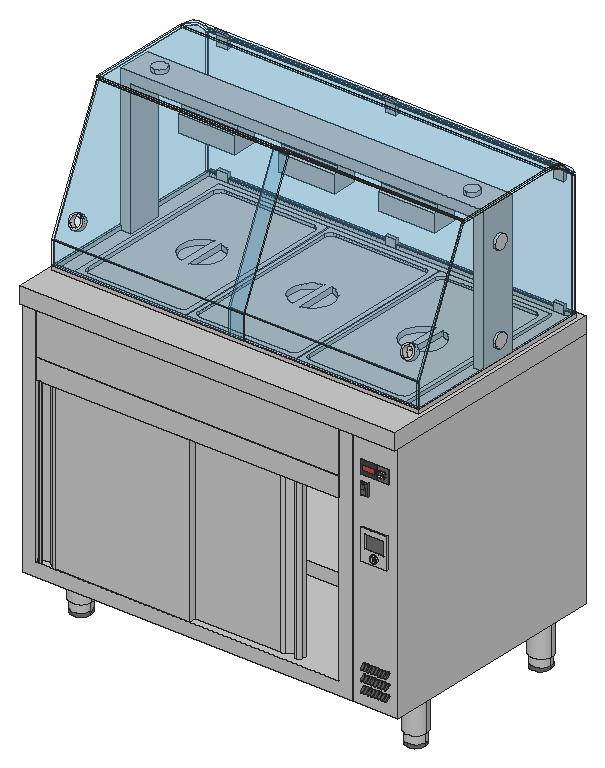
Revit family "QF_INOMAK_MIV711_250606104236", category Specialty Equipment, Revit 2021
Family settings
  Round Connector Dimension = Use Diameter
  Part Type = Normal
  OmniClass Number = 23.40.40.14
  OmniClass Title = Food Service Equipment
  Work Plane-Based = No
  Always vertical = Yes
  Cut with Voids When Loaded = No
  Shared = No
  Room Calculation Point = No
Parameters (values of type "MIV711")
  Weight [instance] = 90.0018 kg
  Waste Water Discharge Temperature [instance] = 0 °C
  Waste Remarks [instance] = ""
  Warranty Start Date [instance] = ""
  Warranty Duration [instance] = ""
  Volts [instance] = 400 V
  Volt Free Conn [instance] = no
  URL Recommended Spares List [instance] = ""
  URL Manufacturer [instance] = ""
  URL Cutsheet [instance] = ""
  URL Critical Spares List [instance] = ""
  URL = "www.inomak.com"
  Technical Documentation [instance] = ""
  Tag Number [instance] = ""
  Status [instance] = ""
  Start Up Current [instance] = 0 A
  Specification by User [instance] = ""
  Specification by Manufacturer [instance] = ""
  Sound Level [instance] = ""
  Show Logo [instance] = yes
  Show Clearances [instance] = yes
  Service Life Duration [instance] = ""
  Serial Number [instance] = ""
  Seismic Rating [instance] = ""
  SMACNA No [instance] = ""
  Revision Code [instance] = ""
  Revision [instance] = ""
  Production Year [instance] = ""
  Potential Equalisation [instance] = no
  Point Load [instance] = 0
  Plumbing Remarks [instance] = ""
  Plumbing Connection Type [instance] = ""
  Phase [instance] = 3
  Other Equipment Approvals [instance] = ""
  Operational Current [instance] = 0 A
  Odor Trap Included [instance] = no
  Number of Poles [instance] = 3
  No Load Power Draw [instance] = no
  National Water Regulation Certification [instance] = no
  NAFEM Spec ID Number [instance] = ""
  Model Warning [instance] = ""
  Model = "MIV711"
  Min Ckt Ampacity [instance] = 0 A
  Max Overcurrent Protection [instance] = 25 A
  Masterspec [instance] = ""
  Manufacturer = "INOMAK"
  Main switch integrated [instance] = no
  Length Actual [instance] = 1102.106 mm
  Item Number [instance] = ""
  Installed By [instance] = ""
  Installation Date [instance] = ""
  Indirect Waste Size [instance] = 25.4 mm
  Indirect Waste Remarks [instance] = ""
  Indirect Waste Flow [instance] = 0.0 L/s
  Indirect Waste Connection Type [instance] = ""
  Indirect Waste Connection Height [instance] = 0 mm
  Identify Quantity as Lot [instance] = no
  ID [instance] = ""
  Hygiene Approval [instance] = ""
  Height Actual [instance] = 1312.926 mm
  HP power [instance] = ""
  Furnished By [instance] = ""
  Foodservice Equipment Identifier [instance] = no
  FL Amps [instance] = 18.5 A
  Electrical Remarks [instance] = ""
  Electric power [instance] = 4230 W
  Electric Connection Type [instance] = ""
  Elec Conn RI Height [instance] = 0 mm
  Elec Conn Connection Height [instance] = 0 mm
  ETL Approved [instance] = no
  Direct Waste Water Discharge Temperature [instance] = -273.15 °C
  Direct Waste Size [instance] = 25.4 mm
  Direct Waste RI Height [instance] = 0 mm
  Direct Waste Flow [instance] = 0.0 L/s
  Direct Waste Connection Height [instance] = 0 mm
  Description = "BAIN MARIE ON HEATED CUPBOARD WITH 2 GN PANS CAPACITY AND SHOWCASE"
  Depth Actual [instance] = 700.024 mm
  Default Elevation = 0 mm
  Cycle [instance] = 50 Hz
  Cost = 0
  Connection to energy optimisation system [instance] = yes
  Conn Plug [instance] = ""
  Conn Conduit [instance] = no
  Cold Water Temperature Recommended [instance] = 0 °C
  Cold Water Size [instance] = 12.7 mm
  Cold Water Remarks [instance] = ""
  Cold Water RI Height [instance] = 0 mm
  Cold Water Quality [instance] = ""
  Cold Water Minimum Pressure [instance] = 200000.0 Pa
  Cold Water Maximum Pressure [instance] = 600000.0 Pa
  Cold Water Flow [instance] = 0.0 L/s
  Cold Water Connection Type [instance] = ""
  Cold Water Connection Height [instance] = 0 mm
  Centralized building control system with digital interface [instance] = ""
  CSI MasterFormat [instance] = ""
  CE Approved [instance] = no
  Barcode [instance] = 0
  Author [instance] = ""
  Asset Identifier [instance] = ""
  Apparent Power [instance] = 4230 VA
  Accessory [instance] = no
Reference planes
  plane 1 "Center (Front/Back)": y = 0
  plane 2: z = 0
  plane 3 "Center (Left/Right)": x = 0
Forms (mm)
  Extrusion 1, solid, not visible
    sketch origin (110.005, -510.025, 146.007) x (1, 0, 0) y (0, 1, 0)
      loop
        line (-2, 2) -> (-2, -2) -> (2, -2) -> (2, 2) -> (-2, 2)
    from -2 to 2
  Extrusion 2, solid, not visible
    sketch origin (110.005, -510.025, 146.007) x (1, 0, 0) y (0, 1, 0)
      loop
        line (-2, 2) -> (-2, -2) -> (2, -2) -> (2, 2) -> (-2, 2)
    from -2 to 2
  Extrusion 3, solid, not visible
    sketch origin (1055.051, -635.031, 146.007) x (1, 0, 0) y (0, 1, 0)
      loop
        line (-2, 2) -> (-2, -2) -> (2, -2) -> (2, 2) -> (-2, 2)
    from -2 to 2
Dimensions and locks
  locked: nested 2 to Extrusion 1 at 2  (x2)
  locked: nested 3 to Extrusion 2 at 2  (x2)
  locked: nested 4 to Extrusion 3 at 2  (x2)
  aligned and locked: level to plane 2
Nested families
  nested 1: "QF_INOMAK_CUPBOARD_BAIN_MARIES_1105_2920" at (0, 0, 144), type "MIV711"
    with Weight 90.0018 kg, Warranty Start Date "", Warranty Duration "", URL Cutsheet "", Technical Documentation "", Tag Number "", Status "", Specification by User "", Specification by Manufacturer "", Sound Level "", Solid Fuel Type "", Show Logo yes, Show Clearances yes, Service Life Duration "", Serial Number "", Seismic Rating "", SMACNA No "", Revision Code "", Revision "", Production Year "", Point Load 0, Other Equipment Approvals "", NAFEM Spec ID Number "", Model Warning "", Masterspec "", Length Actual 1102.106 mm, Item Number "", Installed By "", Installation Date "", Identify Quantity as Lot yes, ID "", Hygiene Approval "", Height Actual 1312.926 mm, Furnished By "", Foodservice Equipment Identifier yes, ETL Approved yes, Depth Actual 700.024 mm, CSI MasterFormat "", CE Approved yes, Barcode "", Author "", Asset Identifier "", Accessory no
  nested 2: "CONN_POINT_COLDWATER_2D___Generic_Annotation" at (110.005, -510.025, 144.007), type "CONN_POINT_COLDWATER_2D___Generic_Annotation"
    with Onboard connection annotation symbol visibility yes
  nested 3: "CONN_POINT_DRAIN_2D___Generic_Annotation" at (110.005, -510.025, 144.007), type "CONN_POINT_DRAIN_2D___Generic_Annotation"
    with Onboard connection annotation symbol visibility yes
  nested 4: "CONN_POINT_ELE_2D___Generic_Annotation" at (1055.051, -635.031, 144.007), type "CONN_POINT_ELE_2D___Generic_Annotation"
    with Onboard connection annotation symbol visibility yes
  nested 5: "QF_INOMAK_HEAT_WORKTOPS_HTVF_1080_4995" at (11, 0, 900), type "HTVF-1080-630"
    with Weight 0.00 kg, Warranty Start Date "", Warranty Duration "", URL Cutsheet "", Technical Documentation "", Tag Number "", Status "", Specification by User "", Specification by Manufacturer "", Sound Level "", Solid Fuel Type "", Show Logo yes, Show Clearances yes, Service Life Duration "", Serial Number "", Seismic Rating "", SMACNA No "", Revision Code "", Revision "", Production Year "", Point Load 0, Other Equipment Approvals "", NAFEM Spec ID Number "", Model Warning "", Masterspec "", Length Actual 1077.976 mm, Item Number "", Installed By "", Installation Date "", Identify Quantity as Lot yes, ID "", Hygiene Approval "", Height Actual 439.928 mm, Furnished By "", Foodservice Equipment Identifier yes, ETL Approved yes, Depth Actual 628.904 mm, CSI MasterFormat "", CE Approved yes, Barcode "", Author "", Asset Identifier "", Accessory yes
  nested 6: "QF_INOMAK_LEGS_6160" at (0, 0, 0), type "LG-1105-700"
    with Weight 0.00 kg, Warranty Start Date "", Warranty Duration "", URL Cutsheet "", Technical Documentation "", Tag Number "", Status "", Specification by User "", Specification by Manufacturer "", Sound Level "", Solid Fuel Type "", Show Logo yes, Show Clearances yes, Service Life Duration "", Serial Number "", Seismic Rating "", SMACNA No "", Revision Code "", Revision "", Production Year "", Point Load 0, Other Equipment Approvals "", NAFEM Spec ID Number "", Model Warning "", Masterspec "", Length Actual 1102.868 mm, Item Number "", Installed By "", Installation Date "", Identify Quantity as Lot yes, ID "", Hygiene Approval "", Height Actual 144.018 mm, Furnished By "", Foodservice Equipment Identifier yes, ETL Approved yes, Depth Actual 700.024 mm, CSI MasterFormat "", CE Approved yes, Barcode "", Author "", Asset Identifier "", Accessory yes
Connectors
  piping at (110.005, -510.025, 144.007), diameter 12.7, driven by "Cold Water Size", driven by "Cold Water Flow"
    settings: on Extrusion 1, index 1, connector inside diameter 609.6 mm, connector length 0 mm, flow factor 0, pipe flow 0.0 L/s, pressure drop 0.0 Pa, fitting loss kfactor 0, connector angle 0.00°, fixture units 0, engagement length 0 mm, angle of deflection 0.00°, flow configuration 1, flow direction 1, fitting loss method 0, system type 20, joint type 0, gender type 0, connector reference index -1, connector utility 0, adjustable connector no, is connector primary yes, connector description "Cold Water connection for MIV711"
  piping at (110.005, -510.025, 144.007), diameter 25.4, driven by "Indirect Waste Size", driven by "Direct Waste Flow"
    settings: on Extrusion 2, index 2, connector inside diameter 609.6 mm, connector length 0 mm, flow factor 0, pipe flow 0.0 L/s, pressure drop 0.0 Pa, fitting loss kfactor 0, connector angle 0.00°, fixture units 0, engagement length 0 mm, angle of deflection 0.00°, flow configuration 1, flow direction 2, fitting loss method 0, system type 16, joint type 0, gender type 0, connector reference index -1, connector utility 0, adjustable connector no, is connector primary no, connector description "Waste connection for MIV711"
  electrical at (1055.051, -635.031, 144.007), driven by "Apparent Power", driven by "Number of Poles", driven by "Volts"
    settings: on Extrusion 3, index 3, voltage 400 V, apparent load 0 VA, apparent load phase1 4230 VA, apparent load phase2 0 VA, apparent load phase3 0 VA, power factor 1, load classification "Other", number of poles 3, system type 31, power factor state 1, is connector primary yes, connector utility no, sub classification motor no, connector description "Electrical connection for MIV711"
Definition of nested family "QF_INOMAK_CUPBOARD_BAIN_MARIES_1105_2920"
  Parameters (values of type "MFV711")
    Weight [instance] = 0.00 kg
    Warranty Start Date [instance] = ""
    Warranty Duration [instance] = ""
    URL Cutsheet [instance] = ""
    URL = "www.inomak.com"
    Technical Documentation [instance] = ""
    Tag Number [instance] = ""
    Status [instance] = ""
    Specification by User [instance] = ""
    Specification by Manufacturer [instance] = ""
    Sound Level [instance] = ""
    Solid Fuel Type [instance] = ""
    Show Logo [instance] = yes
    Show Clearances [instance] = yes
    Service Life Duration [instance] = ""
    Serial Number [instance] = ""
    Seismic Rating [instance] = ""
    SMACNA No [instance] = ""
    Revision Code [instance] = ""
    Revision [instance] = ""
    Production Year [instance] = ""
    Point Load [instance] = 0
    Other Equipment Approvals [instance] = ""
    NAFEM Spec ID Number [instance] = ""
    Model Warning [instance] = ""
    Model = "MFV711"
    Masterspec [instance] = ""
    Manufacturer = "INOMAK"
    Length Actual [instance] = 0 mm
    Item Number [instance] = ""
    Installed By [instance] = ""
    Installation Date [instance] = ""
    Identify Quantity as Lot [instance] = yes
    ID [instance] = ""
    Hygiene Approval [instance] = ""
    Height Actual [instance] = 0 mm
    Furnished By [instance] = ""
    Foodservice Equipment Identifier [instance] = yes
    ETL Approved [instance] = yes
    Description = "BAIN MARIE ON CUPBOARD WITH 2 GN PANS CAPACITY AND SHOWCASE"
    Depth Actual [instance] = 0 mm
    Default Elevation = 0 mm
    CSI MasterFormat [instance] = ""
    CE Approved [instance] = yes
    Barcode [instance] = ""
    Author [instance] = ""
    Asset Identifier [instance] = ""
    Assembly Code = "E1090320"
    Accessory [instance] = yes
  Types (10, lengths in mm): name | Model | Description
    MFV711 | "MFV711" | "BAIN MARIE ON CUPBOARD WITH 2 GN PANS CAPACITY AND SHOWCASE"
    MVV711 | "MVV711" | "BAIN MARIE ON CUPBOARD WITH 2 GN PANS CAPACITY AND SINGLE SNEEZE GUARD"
    MFSQ711 | "MFSQ711" | "BAIN MARIE ON CUPBOARD WITH 2 GN PANS CAPACITY AND SQUARE SHOWCASE"
    MHV711 | "MHV711" | "BAIN MARIE ON HEATED CUPBOARD WITH 2 GN PANS CAPACITY"
    MDV711 | "MDV711" | "BAIN MARIE ON CUPBOARD WITH 2 GN PANS CAPACITY"
    MRV711 | "MRV711" | "BAIN MARIE ON CUPBOARD WITH 2 GN PANS CAPACITY AND DOUBLE SNEEZE GUARD"
    MIV711 | "MIV711" | "BAIN MARIE ON HEATED CUPBOARD WITH 2 GN PANS CAPACITY AND SHOWCASE"
    MJV711 | "MJV711" | "BAIN MARIE ON HEATED CUPBOARD WITH 2 GN PANS CAPACITY AND SINGLE SNEEZE GUARD"
    MQV711 | "MQV711" | "BAIN MARIE ON HEATED CUPBOARD WITH 2 GN PANS CAPACITY AND DOUBLE SNEEZE GUARD"
    MISQ711 | "MISQ711" | "BAIN MARIE ON HEATED CUPBOARD WITH 2 GN PANS CAPACITY AND SQUARE SHOWCASE"
  Reference planes
    plane 1 "Back": y = 0
    plane 2: z = 0
    plane 3 "Left": x = 0
    plane 4 "Right": x = 1102
    plane 5 "Front": y = -700
    plane 6 "Top": z = 756
  Forms (mm)
    Extrusion 1, solid
      sketch origin (479.783, -707, -123.631) x (-1, 0, 0) y (0, 0, 1)
        loop
          arc (-522.253, 235.165) -> (-526.351, 236.263) -> (-527.449, 232.165) r 3
          line (-527.449, 232.165) -> (-518.449, 216.577)
          arc (-518.449, 216.577) -> (-514.351, 215.479) -> (-513.253, 219.577) r 3
          line (-513.253, 219.577) -> (-522.253, 235.165)
        loop
          arc (-532.253, 235.165) -> (-536.351, 236.263) -> (-537.449, 232.165) r 3
          line (-537.449, 232.165) -> (-528.449, 216.577)
          arc (-528.449, 216.577) -> (-524.351, 215.479) -> (-523.253, 219.577) r 3
          line (-523.253, 219.577) -> (-532.253, 235.165)
        loop
          arc (-542.253, 235.165) -> (-546.351, 236.263) -> (-547.449, 232.165) r 3
          line (-547.449, 232.165) -> (-538.449, 216.577)
          arc (-538.449, 216.577) -> (-534.351, 215.479) -> (-533.253, 219.577) r 3
          line (-533.253, 219.577) -> (-542.253, 235.165)
        loop
          arc (-552.253, 235.165) -> (-556.351, 236.263) -> (-557.449, 232.165) r 3
          line (-557.449, 232.165) -> (-548.449, 216.577)
          arc (-548.449, 216.577) -> (-544.351, 215.479) -> (-543.253, 219.577) r 3
          line (-543.253, 219.577) -> (-552.253, 235.165)
        loop
          arc (-562.253, 235.165) -> (-566.351, 236.263) -> (-567.449, 232.165) r 3
          line (-567.449, 232.165) -> (-558.449, 216.577)
          arc (-558.449, 216.577) -> (-554.351, 215.479) -> (-553.253, 219.577) r 3
          line (-553.253, 219.577) -> (-562.253, 235.165)
        loop
          arc (-572.253, 235.165) -> (-576.351, 236.263) -> (-577.449, 232.165) r 3
          line (-577.449, 232.165) -> (-568.449, 216.577)
          arc (-568.449, 216.577) -> (-564.351, 215.479) -> (-563.253, 219.577) r 3
          line (-563.253, 219.577) -> (-572.253, 235.165)
        loop
          arc (-582.253, 235.165) -> (-586.351, 236.263) -> (-587.449, 232.165) r 3
          line (-587.449, 232.165) -> (-578.449, 216.577)
          arc (-578.449, 216.577) -> (-574.351, 215.479) -> (-573.253, 219.577) r 3
          line (-573.253, 219.577) -> (-582.253, 235.165)
        loop
          arc (-592.253, 235.165) -> (-596.351, 236.263) -> (-597.449, 232.165) r 3
          line (-597.449, 232.165) -> (-588.449, 216.577)
          arc (-588.449, 216.577) -> (-584.351, 215.479) -> (-583.253, 219.577) r 3
          line (-583.253, 219.577) -> (-592.253, 235.165)
        loop
          arc (-522.253, 205.165) -> (-526.351, 206.263) -> (-527.449, 202.165) r 3
          line (-527.449, 202.165) -> (-518.449, 186.577)
          arc (-518.449, 186.577) -> (-514.351, 185.479) -> (-513.253, 189.577) r 3
          line (-513.253, 189.577) -> (-522.253, 205.165)
        loop
          arc (-532.253, 205.165) -> (-536.351, 206.263) -> (-537.449, 202.165) r 3
          line (-537.449, 202.165) -> (-528.449, 186.577)
          arc (-528.449, 186.577) -> (-524.351, 185.479) -> (-523.253, 189.577) r 3
          line (-523.253, 189.577) -> (-532.253, 205.165)
        loop
          arc (-542.253, 205.165) -> (-546.351, 206.263) -> (-547.449, 202.165) r 3
          line (-547.449, 202.165) -> (-538.449, 186.577)
          arc (-538.449, 186.577) -> (-534.351, 185.479) -> (-533.253, 189.577) r 3
          line (-533.253, 189.577) -> (-542.253, 205.165)
        loop
          arc (-552.253, 205.165) -> (-556.351, 206.263) -> (-557.449, 202.165) r 3
          line (-557.449, 202.165) -> (-548.449, 186.577)
          arc (-548.449, 186.577) -> (-544.351, 185.479) -> (-543.253, 189.577) r 3
          line (-543.253, 189.577) -> (-552.253, 205.165)
        loop
          arc (-562.253, 205.165) -> (-566.351, 206.263) -> (-567.449, 202.165) r 3
          line (-567.449, 202.165) -> (-558.449, 186.577)
          arc (-558.449, 186.577) -> (-554.351, 185.479) -> (-553.253, 189.577) r 3
          line (-553.253, 189.577) -> (-562.253, 205.165)
        loop
          arc (-572.253, 205.165) -> (-576.351, 206.263) -> (-577.449, 202.165) r 3
          line (-577.449, 202.165) -> (-568.449, 186.577)
          arc (-568.449, 186.577) -> (-564.351, 185.479) -> (-563.253, 189.577) r 3
          line (-563.253, 189.577) -> (-572.253, 205.165)
        loop
          arc (-582.253, 205.165) -> (-586.351, 206.263) -> (-587.449, 202.165) r 3
          line (-587.449, 202.165) -> (-578.449, 186.577)
          arc (-578.449, 186.577) -> (-574.351, 185.479) -> (-573.253, 189.577) r 3
          line (-573.253, 189.577) -> (-582.253, 205.165)
        loop
          arc (-592.253, 205.165) -> (-596.351, 206.263) -> (-597.449, 202.165) r 3
          line (-597.449, 202.165) -> (-588.449, 186.577)
          arc (-588.449, 186.577) -> (-584.351, 185.479) -> (-583.253, 189.577) r 3
          line (-583.253, 189.577) -> (-592.253, 205.165)
        loop
          arc (-522.253, 175.165) -> (-526.351, 176.263) -> (-527.449, 172.165) r 3
          line (-527.449, 172.165) -> (-518.449, 156.577)
          arc (-518.449, 156.577) -> (-514.351, 155.479) -> (-513.253, 159.577) r 3
          line (-513.253, 159.577) -> (-522.253, 175.165)
        loop
          arc (-532.253, 175.165) -> (-536.351, 176.263) -> (-537.449, 172.165) r 3
          line (-537.449, 172.165) -> (-528.449, 156.577)
          arc (-528.449, 156.577) -> (-524.351, 155.479) -> (-523.253, 159.577) r 3
          line (-523.253, 159.577) -> (-532.253, 175.165)
        loop
          arc (-542.253, 175.165) -> (-546.351, 176.263) -> (-547.449, 172.165) r 3
          line (-547.449, 172.165) -> (-538.449, 156.577)
          arc (-538.449, 156.577) -> (-534.351, 155.479) -> (-533.253, 159.577) r 3
          line (-533.253, 159.577) -> (-542.253, 175.165)
        loop
          arc (-552.253, 175.165) -> (-556.351, 176.263) -> (-557.449, 172.165) r 3
          line (-557.449, 172.165) -> (-548.449, 156.577)
          arc (-548.449, 156.577) -> (-544.351, 155.479) -> (-543.253, 159.577) r 3
          line (-543.253, 159.577) -> (-552.253, 175.165)
        loop
          arc (-562.253, 175.165) -> (-566.351, 176.263) -> (-567.449, 172.165) r 3
          line (-567.449, 172.165) -> (-558.449, 156.577)
          arc (-558.449, 156.577) -> (-554.351, 155.479) -> (-553.253, 159.577) r 3
          line (-553.253, 159.577) -> (-562.253, 175.165)
        loop
          arc (-572.253, 175.165) -> (-576.351, 176.263) -> (-577.449, 172.165) r 3
          line (-577.449, 172.165) -> (-568.449, 156.577)
          arc (-568.449, 156.577) -> (-564.351, 155.479) -> (-563.253, 159.577) r 3
          line (-563.253, 159.577) -> (-572.253, 175.165)
        loop
          arc (-582.253, 175.165) -> (-586.351, 176.263) -> (-587.449, 172.165) r 3
          line (-587.449, 172.165) -> (-578.449, 156.577)
          arc (-578.449, 156.577) -> (-574.351, 155.479) -> (-573.253, 159.577) r 3
          line (-573.253, 159.577) -> (-582.253, 175.165)
        loop
          arc (-592.253, 175.165) -> (-596.351, 176.263) -> (-597.449, 172.165) r 3
          line (-597.449, 172.165) -> (-588.449, 156.577)
          arc (-588.449, 156.577) -> (-584.351, 155.479) -> (-583.253, 159.577) r 3
          line (-583.253, 159.577) -> (-592.253, 175.165)
      from 16.5 to 18.5
    Extrusion 2, solid
      sketch origin (787.766, -692, 538.514) x (-1, 0, 0) y (0, 0, 1)
        loop
          line (-208.234, 108.408) -> (-253.234, 108.408) -> (-253.234, 68.408) -> (-208.234, 68.408) -> (-208.234, 108.408)
      from 0 to 2
    Extrusion 3, solid
      sketch origin (66, -693, 539.422) x (-1, 0, 0) y (0, 0, 1)
        loop
          line (-950, 15) -> (-930, 15) -> (-930, 50) -> (-950, 50) -> (-950, 15)
      from 0 to 3
    Extrusion 4, solid
      sketch origin (94, -568, 539.422) x (0, 1, 0) y (0, 0, 1)
        loop
          line (-125, 18) -> (-125, 47)
          arc (-125, 47) -> (-127.961, 46.812) -> (-130.754, 45.81) r 10.576
          line (-130.754, 45.81) -> (-128, 32.5) -> (-128, 18) -> (-125, 18)
      from 905 to 919
    Extrusion 5, solid
      sketch origin (832.766, -692, 538.514) x (-1, 0, 0) y (0, 0, 1)
        loop
          line (-208.234, 108.408) -> (-243.234, 108.408) -> (-243.234, 68.408) -> (-208.234, 68.408) -> (-208.234, 108.408)
      from 0 to 2
    Extrusion 6, solid
      sketch origin (787.766, -692.5, 538.514) x (-1, 0, 0) y (0, 0, 1)
        loop
          line (-213.234, 94.908) -> (-248.234, 94.908) -> (-248.234, 81.908) -> (-213.234, 81.908) -> (-213.234, 94.908)
      from 0 to 2.5
    Extrusion 7, solid
      sketch origin (787.766, -692.5, 538.514) x (-1, 0, 0) y (0, 0, 1)
        loop
          line (-271.558, 91.171) -> (-275.802, 98.522) -> (-280.047, 91.171) -> (-271.558, 91.171)
        loop
          line (-271.558, 85.645) -> (-280.047, 85.645) -> (-275.802, 78.294) -> (-271.558, 85.645)
        loop
          line (-257.397, 85.645) -> (-267.397, 85.645) -> (-267.397, 78.294) -> (-257.397, 78.294) -> (-257.397, 85.645)
        loop
          line (-265.397, 98.522) -> (-267.397, 98.522) -> (-267.397, 92.322) -> (-259.549, 92.322) -> (-259.549, 91.171) -> (-257.397, 93.322) -> (-259.549, 95.474) -> (-259.549, 94.322) -> (-265.397, 94.322) -> (-265.397, 98.522)
      from 0 to 2.5
    Extrusion 8, solid
      sketch origin (8.5, 0, 492) x (1, 0, 0) y (0, 1, 0)
        loop
          line (55, -50) -> (55, -580) -> (380, -580) -> (380, -50) -> (55, -50)
        loop
          arc (87.5, -65) -> (73.358, -70.858) -> (67.5, -85) r 20
          line (67.5, -85) -> (67.5, -545.415)
          arc (67.5, -545.415) -> (73.358, -559.557) -> (87.5, -565.415) r 20
          line (87.5, -565.415) -> (347.5, -565.415)
          arc (347.5, -565.415) -> (361.642, -559.557) -> (367.5, -545.415) r 20
          line (367.5, -545.415) -> (367.5, -85)
          arc (367.5, -85) -> (361.642, -70.858) -> (347.5, -65) r 20
          line (347.5, -65) -> (87.5, -65)
      from 218 to 270
    Extrusion 9, solid
      sketch origin (8.5, 0, 485) x (1, 0, 0) y (0, 1, 0)
        loop
          arc (67.5, -545.415) -> (73.358, -559.557) -> (87.5, -565.415) r 20
          line (87.5, -565.415) -> (347.5, -565.415)
          arc (347.5, -565.415) -> (361.642, -559.557) -> (367.5, -545.415) r 20
          line (367.5, -545.415) -> (367.5, -85)
          arc (367.5, -85) -> (361.642, -70.858) -> (347.5, -65) r 20
          line (347.5, -65) -> (87.5, -65)
          arc (87.5, -65) -> (73.358, -70.858) -> (67.5, -85) r 20
          line (67.5, -85) -> (67.5, -545.415)
      from 225 to 270
    Extrusion 10, void
      sketch origin (8.5, 0, 500) x (1, 0, 0) y (0, 1, 0)
        loop
          arc (207.5, -256.046) -> (157.5, -315.207) -> (207.5, -374.368) r 60
          line (207.5, -374.368) -> (207.5, -256.046)
        loop
          line (227.5, -256.046) -> (227.5, -374.368)
          arc (227.5, -374.368) -> (277.5, -315.207) -> (227.5, -256.046) r 60
      from 240 to 270
    Extrusion 11, solid
      sketch origin (333.5, 0, 492) x (1, 0, 0) y (0, 1, 0)
        loop
          line (55, -50) -> (55, -580) -> (380, -580) -> (380, -50) -> (55, -50)
        loop
          arc (87.5, -65) -> (73.358, -70.858) -> (67.5, -85) r 20
          line (67.5, -85) -> (67.5, -545.415)
          arc (67.5, -545.415) -> (73.358, -559.557) -> (87.5, -565.415) r 20
          line (87.5, -565.415) -> (347.5, -565.415)
          arc (347.5, -565.415) -> (361.642, -559.557) -> (367.5, -545.415) r 20
          line (367.5, -545.415) -> (367.5, -85)
          arc (367.5, -85) -> (361.642, -70.858) -> (347.5, -65) r 20
          line (347.5, -65) -> (87.5, -65)
      from 218 to 270
    Extrusion 12, solid
      sketch origin (333.5, 0, 485) x (1, 0, 0) y (0, 1, 0)
        loop
          arc (67.5, -545.415) -> (73.358, -559.557) -> (87.5, -565.415) r 20
          line (87.5, -565.415) -> (347.5, -565.415)
          arc (347.5, -565.415) -> (361.642, -559.557) -> (367.5, -545.415) r 20
          line (367.5, -545.415) -> (367.5, -85)
          arc (367.5, -85) -> (361.642, -70.858) -> (347.5, -65) r 20
          line (347.5, -65) -> (87.5, -65)
          arc (87.5, -65) -> (73.358, -70.858) -> (67.5, -85) r 20
          line (67.5, -85) -> (67.5, -545.415)
      from 225 to 270
    Extrusion 13, void
      sketch origin (333.5, 0, 500) x (1, 0, 0) y (0, 1, 0)
        loop
          arc (207.5, -256.046) -> (157.5, -315.207) -> (207.5, -374.368) r 60
          line (207.5, -374.368) -> (207.5, -256.046)
        loop
          line (227.5, -256.046) -> (227.5, -374.368)
          arc (227.5, -374.368) -> (277.5, -315.207) -> (227.5, -256.046) r 60
      from 240 to 270
    Extrusion 14, solid
      sketch origin (658.5, 0, 492) x (1, 0, 0) y (0, 1, 0)
        loop
          line (55, -50) -> (55, -580) -> (380, -580) -> (380, -50) -> (55, -50)
        loop
          arc (87.5, -65) -> (73.358, -70.858) -> (67.5, -85) r 20
          line (67.5, -85) -> (67.5, -545.415)
          arc (67.5, -545.415) -> (73.358, -559.557) -> (87.5, -565.415) r 20
          line (87.5, -565.415) -> (347.5, -565.415)
          arc (347.5, -565.415) -> (361.642, -559.557) -> (367.5, -545.415) r 20
          line (367.5, -545.415) -> (367.5, -85)
          arc (367.5, -85) -> (361.642, -70.858) -> (347.5, -65) r 20
          line (347.5, -65) -> (87.5, -65)
      from 218 to 270
    Extrusion 15, solid
      sketch origin (658.5, 0, 485) x (1, 0, 0) y (0, 1, 0)
        loop
          arc (67.5, -545.415) -> (73.358, -559.557) -> (87.5, -565.415) r 20
          line (87.5, -565.415) -> (347.5, -565.415)
          arc (347.5, -565.415) -> (361.642, -559.557) -> (367.5, -545.415) r 20
          line (367.5, -545.415) -> (367.5, -85)
          arc (367.5, -85) -> (361.642, -70.858) -> (347.5, -65) r 20
          line (347.5, -65) -> (87.5, -65)
          arc (87.5, -65) -> (73.358, -70.858) -> (67.5, -85) r 20
          line (67.5, -85) -> (67.5, -545.415)
      from 225 to 270
    Extrusion 16, void
      sketch origin (658.5, 0, 500) x (1, 0, 0) y (0, 1, 0)
        loop
          arc (207.5, -256.046) -> (157.5, -315.207) -> (207.5, -374.368) r 60
          line (207.5, -374.368) -> (207.5, -256.046)
        loop
          line (227.5, -256.046) -> (227.5, -374.368)
          arc (227.5, -374.368) -> (277.5, -315.207) -> (227.5, -256.046) r 60
      from 240 to 270
    Extrusion 17, solid
      sketch origin (0, 0, 710) x (1, 0, 0) y (0, 1, 0)
        loop
          line (0, 0) -> (0, -700) -> (1102, -700) -> (1102, 0) -> (0, 0)
        loop
          line (63.5, -50) -> (63.5, -580) -> (1038.5, -580) -> (1038.5, -50) -> (63.5, -50)
      from 0 to 46
    Extrusion 18, solid
      sketch origin (0, 0, 0) x (1, 0, 0) y (0, 1, 0)
        loop
          line (0, -690) -> (40, -690) -> (40, -40) -> (930, -40) -> (930, -690) -> (970, -690) -> (970, 0) -> (0, 0) -> (0, -690)
      from 0 to 710
    Extrusion 19, solid
      sketch origin (-1.5, 0, 0) x (1, 0, 0) y (0, 1, 0)
        loop
          line (971.5, 0) -> (971.5, -690) -> (1103.5, -690) -> (1103.5, 0) -> (971.5, 0)
      from 0 to 710
    Extrusion 20, solid
      sketch origin (-130, -690, 0) x (-1, 0, 0) y (0, 1, 0)
        loop
          line (-170, 10) -> (-170, 20) -> (-620, 20) -> (-620, 0) -> (-226.156, 0)
          arc (-226.156, 0) -> (-220.272, 0.885) -> (-214.91, 3.461) r 20
          line (-214.91, 3.461) -> (-195, 17) -> (-173, 17) -> (-173, 10)
          arc (-173, 10) -> (-175.05, 5.05) -> (-180, 3) r 7
          line (-180, 3) -> (-185.012, 3) -> (-185.012, 0) -> (-180, 0)
          arc (-180, 0) -> (-172.929, 2.929) -> (-170, 10) r 10
      from -40 to -520
    Extrusion 21, solid
      sketch origin (-131.5, -690, 0) x (-1, 0, 0) y (0, 1, 0)
        loop
          arc (-930, 30) -> (-927.071, 22.929) -> (-920, 20) r 10
          line (-920, 20) -> (-914.988, 20) -> (-914.988, 23) -> (-920, 23)
          arc (-920, 23) -> (-924.95, 25.05) -> (-927, 30) r 7
          line (-927, 30) -> (-927, 37) -> (-905, 37) -> (-885.09, 23.461)
          arc (-885.09, 23.461) -> (-879.728, 20.885) -> (-873.844, 20) r 20
          line (-873.844, 20) -> (-480, 20) -> (-480, 40) -> (-930, 40) -> (-930, 30)
      from -40 to -520
    Extrusion 22, solid
      sketch origin (0, 0, 0) x (1, 0, 0) y (0, 1, 0)
        loop
          line (40, -40) -> (40, -690) -> (930, -690) -> (930, -40) -> (40, -40)
      from 0 to 40
    Extrusion 23, solid
      sketch origin (0.5, 0, 672.314) x (1, 0, 0) y (0, 1, 0)
        loop
          line (39.5, -40) -> (39.5, -690) -> (929.5, -690) -> (929.5, -40) -> (39.5, -40)
      from -92.314 to 37.686
    Extrusion 24, solid
      sketch origin (0, 0, 610.314) x (1, 0, 0) y (0, 1, 0)
        loop
          line (40, -40) -> (40, -690) -> (930, -690) -> (930, -40) -> (40, -40)
      from -90.314 to -30.314
    Extrusion 25, solid
      sketch origin (-1.5, 0, 255) x (1, 0, 0) y (0, 1, 0)
        loop
          line (41.5, -40) -> (41.5, -645) -> (931.5, -645) -> (931.5, -40) -> (41.5, -40)
      from 0 to 35
    Extrusion 26, solid
      sketch origin (5.502, -695, 50) x (-1, 0, 0) y (0, 0, 1)
        loop
          line (-992.998, 421.076) -> (-1067.998, 421.076) -> (-1067.998, 331.076) -> (-992.998, 331.076) -> (-992.998, 421.076)
        loop
          line (-1003.957, 406.276) -> (-1058.957, 406.276) -> (-1058.957, 366.276) -> (-1003.957, 366.276) -> (-1003.957, 406.276)
      from 0 to 5
    Extrusion 27, solid
      sketch origin (5.502, -692, 50) x (-1, 0, 0) y (0, 0, 1)
        loop
          line (-1003.957, 406.276) -> (-1058.957, 406.276) -> (-1058.957, 366.276) -> (-1003.957, 366.276) -> (-1003.957, 406.276)
      from 0 to 2
    Revolve 28, solid
      sketch origin (1036, 59.612, -3292.415) x (0, 1, 0) y (0, 0, 1)
        loop
          line (-757.012, 3691.152) -> (-754.612, 3691.152) -> (-754.612, 3701.789) -> (-757.662, 3701.789) -> (-759.012, 3699.998) -> (-757.012, 3699.998) -> (-757.012, 3691.152)
        axis (-754.612, 3691.152) -> (-759.012, 3691.152)
      angle from 0 to 360
    Extrusion 29, solid
      sketch origin (-1055.627, -695, 2689.585) x (-1, 0, 0) y (0, 0, 1)
        loop
          line (-2090.827, -2287.348) -> (-2092.827, -2287.348) -> (-2092.827, -2294.348) -> (-2090.827, -2294.348) -> (-2090.827, -2287.348)
        loop
          circle (-2091.627, -2290.848) r 7.846
      from -4.4 to -2.4
  Cuts and joins
    Extrusion 10, Extrusion 13 cuts Extrusion 9
    Extrusion 13, Extrusion 16 cuts Extrusion 12
    Extrusion 16 cuts Extrusion 15
    joined: Extrusion 18, Extrusion 22
  Lines and regions (mm)
    symbolic lines
      curve 1: line (0, 0, 0) -> (1102, 0, 0)
      curve 2: line (0, -700, 0) -> (0, 0, 0)
      curve 3: line (1102, -700, 0) -> (0, -700, 0)
      curve 4: line (1102, 0, 0) -> (1102, -700, 0)
      curve 5: line (63.5, -50, 0) -> (1038.5, -50, 0)
      curve 6: line (63.5, -580, 0) -> (63.5, -50, 0)
      curve 7: line (1038.5, -580, 0) -> (63.5, -580, 0)
      curve 8: line (713.5, -50, 0) -> (713.5, -580, 0)
      curve 9: line (388.5, -50, 0) -> (388.5, -580, 0)
      curve 10: line (1038.5, -50, 0) -> (1038.5, -580, 0)
      curve 11: line (96, -65, 0) -> (356, -65, 0)
      curve 12: arc (76, -85, 0) -> (81.858, -70.858, 0) -> (96, -65, 0) r 20
      curve 13: line (76, -545.415, 0) -> (76, -85, 0)
      curve 14: arc (96, -565.415, 0) -> (81.858, -559.557, 0) -> (76, -545.415, 0) r 20
      curve 15: line (356, -565.415, 0) -> (96, -565.415, 0)
      curve 16: arc (376, -545.415, 0) -> (370.142, -559.557, 0) -> (356, -565.415, 0) r 20
      curve 17: line (376, -85, 0) -> (376, -545.415, 0)
      curve 18: arc (356, -65, 0) -> (370.142, -70.858, 0) -> (376, -85, 0) r 20
      curve 19: arc (216, -256.046, 0) -> (166, -315.207, 0) -> (216, -374.368, 0) r 60
      curve 20: line (216, -374.368, 0) -> (216, -256.046, 0)
      curve 21: line (236, -256.046, 0) -> (236, -374.368, 0)
      curve 22: arc (236, -374.368, 0) -> (286, -315.207, 0) -> (236, -256.046, 0) r 60
      curve 23: arc (401, -85, 0) -> (406.858, -70.858, 0) -> (421, -65, 0) r 20
      curve 24: line (421, -65, 0) -> (681, -65, 0)
      curve 25: arc (681, -65, 0) -> (695.142, -70.858, 0) -> (701, -85, 0) r 20
      curve 26: line (701, -85, 0) -> (701, -545.415, 0)
      curve 27: arc (701, -545.415, 0) -> (695.142, -559.557, 0) -> (681, -565.415, 0) r 20
      curve 28: line (681, -565.415, 0) -> (421, -565.415, 0)
      curve 29: arc (421, -565.415, 0) -> (406.858, -559.557, 0) -> (401, -545.415, 0) r 20
      curve 30: line (401, -545.415, 0) -> (401, -85, 0)
      curve 31: arc (541, -256.046, 0) -> (491, -315.207, 0) -> (541, -374.368, 0) r 60
      curve 32: line (541, -374.368, 0) -> (541, -256.046, 0)
      curve 33: line (561, -256.046, 0) -> (561, -374.368, 0)
      curve 34: arc (561, -374.368, 0) -> (611, -315.207, 0) -> (561, -256.046, 0) r 60
      curve 35: line (746, -65, 0) -> (1006, -65, 0)
      curve 36: arc (1006, -65, 0) -> (1020.142, -70.858, 0) -> (1026, -85, 0) r 20
      curve 37: line (1026, -85, 0) -> (1026, -545.415, 0)
      curve 38: arc (1026, -545.415, 0) -> (1020.142, -559.557, 0) -> (1006, -565.415, 0) r 20
      curve 39: line (1006, -565.415, 0) -> (746, -565.415, 0)
      curve 40: arc (746, -565.415, 0) -> (731.858, -559.557, 0) -> (726, -545.415, 0) r 20
      curve 41: line (726, -545.415, 0) -> (726, -85, 0)
      curve 42: arc (726, -85, 0) -> (731.858, -70.858, 0) -> (746, -65, 0) r 20
      curve 43: arc (866, -256.046, 0) -> (816, -315.207, 0) -> (866, -374.368, 0) r 60
      curve 44: line (866, -374.368, 0) -> (866, -256.046, 0)
      curve 45: line (886, -256.046, 0) -> (886, -374.368, 0)
      curve 46: arc (886, -374.368, 0) -> (936, -315.207, 0) -> (886, -256.046, 0) r 60
  Dimensions and locks
    plane 3 "Left" to plane 4 "Right" = 1102 mm
    plane 5 "Front" to plane 1 "Back" = 700 mm
    plane 6 "Top" to plane 2 = 756 mm
    aligned and locked: level to plane 2
Definition of nested family "QF_INOMAK_HEAT_WORKTOPS_HTVF_1080_4995"
  Parameters (values of type "HTVF-1080-630")
    Weight [instance] = 0.00 kg
    Warranty Start Date [instance] = ""
    Warranty Duration [instance] = ""
    URL Cutsheet [instance] = ""
    URL = "www.inomak.com"
    Technical Documentation [instance] = ""
    Tag Number [instance] = ""
    Status [instance] = ""
    Specification by User [instance] = ""
    Specification by Manufacturer [instance] = ""
    Sound Level [instance] = ""
    Solid Fuel Type [instance] = ""
    Show Logo [instance] = yes
    Show Clearances [instance] = yes
    Service Life Duration [instance] = ""
    Serial Number [instance] = ""
    Seismic Rating [instance] = ""
    SMACNA No [instance] = ""
    Revision Code [instance] = ""
    Revision [instance] = ""
    Production Year [instance] = ""
    Point Load [instance] = 0
    Other Equipment Approvals [instance] = ""
    NAFEM Spec ID Number [instance] = ""
    Model Warning [instance] = ""
    Model = "HTVF"
    Masterspec [instance] = ""
    Manufacturer = "INOMAK"
    Length Actual [instance] = 0 mm
    Item Number [instance] = ""
    Installed By [instance] = ""
    Installation Date [instance] = ""
    Identify Quantity as Lot [instance] = yes
    ID [instance] = ""
    Hygiene Approval [instance] = ""
    Height Actual [instance] = 0 mm
    Furnished By [instance] = ""
    Foodservice Equipment Identifier [instance] = yes
    ETL Approved [instance] = yes
    Description = "FULL LENGTH VITRINE"
    Depth Actual [instance] = 0 mm
    Default Elevation = 0 mm
    CSI MasterFormat [instance] = ""
    CE Approved [instance] = yes
    Barcode [instance] = ""
    Author [instance] = ""
    Asset Identifier [instance] = ""
    Assembly Code = "E1090320"
    Accessory [instance] = yes
  Reference planes
    plane 1 "Back": y = 0
    plane 2: z = 0
    plane 3 "Left": x = 0
    plane 4 "Right": x = 1078
    plane 5 "Front": y = -629
    plane 6 "Top": z = 440
  Forms (mm)
    Extrusion 1, solid
      sketch origin (1080, -2300.77, 3167) x (0, -1, 0) y (0, 0, 1)
        loop
          line (-2280.77, -3157) -> (-2275.77, -3157) -> (-2275.77, -2791.06) -> (-2280.77, -2791.06) -> (-2280.77, -3157)
      from 2 to 1080
    Extrusion 2, solid
      sketch origin (0, 0, -833) x (0, 1, 0) y (0, 0, 1)
        loop
          line (-596, 843) -> (-30, 843) -> (-30, 1210.94)
          arc (-30, 1210.94) -> (-72.588, 1249.179) -> (-128.129, 1263) r 118.514
          line (-128.129, 1263) -> (-432.792, 1263) -> (-596, 913) -> (-596, 843)
      from 0 to 5
    Extrusion 3, solid
      sketch origin (1080, 0, -833) x (0, -1, 0) y (0, 0, 1)
        loop
          line (20, 1213.94) -> (25.993, 1213.94)
          arc (25.993, 1213.94) -> (70.349, 1253.652) -> (128.129, 1268) r 123.514
          line (128.129, 1268) -> (432.8, 1268) -> (432.8, 1273) -> (128.129, 1273)
          arc (128.129, 1273) -> (66.526, 1257.273) -> (20, 1213.94) r 128.514
      from 2 to 1080
    Extrusion 4, solid
      sketch origin (0, 1874.578, 0) x (0, 1, 0) y (-1, 0, 0)
        loop
          line (-1894.578, 0) -> (-2470.578, 0) -> (-2470.578, -1078) -> (-1894.578, -1078) -> (-1894.578, 0)
        loop
          line (-2460.578, -5) -> (-2460.578, -1073) -> (-1899.578, -1073) -> (-1899.578, -5) -> (-2460.578, -5)
      from 0 to 10
    Extrusion 5, solid
      sketch origin (1078, -2300.77, 3167) x (0, -1, 0) y (0, 0, 1)
        loop
          line (-1704.77, -3157) -> (-1704.77, -3087) -> (-1867.977, -2737) -> (-2172.64, -2737)
          arc (-2172.64, -2737) -> (-2228.182, -2750.821) -> (-2270.77, -2789.06) r 118.514
          line (-2270.77, -2789.06) -> (-2270.77, -3157) -> (-1704.77, -3157)
      from 0 to 5
    Extrusion 6, solid
      sketch origin (789.276, 0, -833) x (0, -1, 0) y (0, 0, 1)
        loop
          line (596, 913) -> (432.792, 1263) -> (427.275, 1263) -> (591, 911.892) -> (591, 843) -> (596, 843) -> (596, 913)
      from 226.776 to 784.276
    Extrusion 7, solid
      sketch origin (-0.276, 0, -833) x (0, -1, 0) y (0, 0, -1)
        loop
          line (591, -843) -> (586, -843) -> (586, -910.783) -> (421.759, -1263) -> (427.275, -1263) -> (591, -911.892) -> (591, -843)
      from 516.776 to 1073.276
    Extrusion 8, void
      sketch origin (789.276, -596, 80) x (0, -0.422618, -0.906308) y (-1, 0, 0)
        loop
          circle (-59.994, 736.477) r 20
      from -10.04 to 20
    Extrusion 9, solid
      sketch origin (789.276, -596, 80) x (0, 0.422618, 0.906308) y (-1, 0, 0)
        loop
          circle (59.994, 736.477) r 15
        loop
          circle (59.994, 736.477) r 20
      from -10 to 5
    Extrusion 10, solid
      sketch origin (-1.276, -591, 78.892) x (0, 0.422618, 0.906308) y (-1, 0, 0)
        loop
          circle (58.886, -1026.477) r 15
        loop
          circle (58.886, -1026.477) r 20
      from -10 to 5
    Extrusion 11, void
      sketch origin (-1.276, -591, 78.892) x (0, -0.422618, -0.906308) y (-1, 0, 0)
        loop
          circle (-58.886, -1026.477) r 20
      from -17.606 to 20.583
    Extrusion 12, solid
      sketch origin (60, 0, -833) x (0, -1, 0) y (0, 0, 1)
        loop
          line (18, 1214.525) -> (18, 1183.94) -> (27, 1183.94) -> (27, 1211.854)
          arc (27, 1211.854) -> (33.636, 1220.884) -> (41.076, 1229.265) r 121.514
          line (41.076, 1229.265) -> (34.712, 1235.629)
          arc (34.712, 1235.629) -> (25.81, 1225.509) -> (18, 1214.525) r 130.514
      from 0 to 30
    Extrusion 13, solid
      sketch origin (554, 0, -833) x (0, -1, 0) y (0, 0, 1)
        loop
          line (18, 1214.525) -> (18, 1183.94) -> (27, 1183.94) -> (27, 1211.854)
          arc (27, 1211.854) -> (33.636, 1220.884) -> (41.076, 1229.265) r 121.514
          line (41.076, 1229.265) -> (34.712, 1235.629)
          arc (34.712, 1235.629) -> (25.81, 1225.509) -> (18, 1214.525) r 130.514
      from 0 to 30
    Extrusion 14, solid
      sketch origin (790, 0, -873) x (0, -1, 0) y (0, 0, 1)
        loop
          line (18, 873) -> (27, 873) -> (27, 898) -> (18, 898) -> (18, 873)
      from 730 to 760
    Extrusion 15, solid
      sketch origin (1284, 0, -873) x (0, -1, 0) y (0, 0, 1)
        loop
          line (18, 873) -> (27, 873) -> (27, 898) -> (18, 898) -> (18, 873)
      from 730 to 760
    Extrusion 16, solid
      sketch origin (0, -695.221, -833) x (-1, 0, 0) y (0, 0, 1)
        loop
          line (-5, 833) -> (-5, 1258) -> (-1073, 1258) -> (-1073, 833) -> (-1043, 833) -> (-1043, 1228) -> (-35, 1228) -> (-35, 833) -> (-5, 833)
      from 345.221 to 445.221
    Extrusion 17, solid
      sketch origin (790, 0, -833) x (0, -1, 0) y (0, 0, 1)
        loop
          circle (300, 1158) r 20
      from 785 to 795
    Extrusion 18, solid
      sketch origin (790, 0, 1357) x (0, -1, 0) y (0, 0, 1)
        loop
          circle (300, -1292) r 20
      from 785 to 795
    Extrusion 19, solid
      sketch origin (288, 0, -833) x (0, -1, 0) y (0, 0, -1)
        loop
          circle (300, -1158) r 20
      from 785 to 795
    Extrusion 20, solid
      sketch origin (288, 0, 1357) x (0, -1, 0) y (0, 0, -1)
        loop
          circle (300, 1292) r 20
      from 785 to 795
    Extrusion 21, solid
      sketch origin (0, 1874.578, 40) x (0, 1, 0) y (-1, 0, 0)
        loop
          circle (-2174.578, -80) r 20
      from 385 to 395
    Extrusion 22, solid
      sketch origin (-2, 1874.578, 40) x (0, 1, 0) y (-1, 0, 0)
        loop
          circle (-2174.578, -1000) r 20
      from 385 to 395
    Extrusion 23, solid
      sketch origin (1018, 0, -833) x (0, -1, 0) y (0, 0, -1)
        loop
          arc (18, -1214.525) -> (25.81, -1225.509) -> (34.712, -1235.629) r 130.514
          line (34.712, -1235.629) -> (41.076, -1229.265)
          arc (41.076, -1229.265) -> (33.636, -1220.884) -> (27, -1211.854) r 121.514
          line (27, -1211.854) -> (27, -1183.94) -> (18, -1183.94) -> (18, -1214.525)
      from 0 to 30
    Extrusion 24, solid
      sketch origin (288, 0, -873) x (0, -1, 0) y (0, 0, -1)
        loop
          line (18, -873) -> (18, -898) -> (27, -898) -> (27, -873) -> (18, -873)
      from 730 to 760
    Extrusion 25, solid
      sketch origin (152.75, 0, 0) x (0, 1, 0) y (0, 0, 1)
        loop
          line (-265, 395) -> (-335, 395) -> (-335, 385) -> (-324.393, 374.393) -> (-275.607, 374.393) -> (-265, 385) -> (-265, 395)
      from 10 to 175
    Extrusion 26, solid
      sketch origin (162.75, 0, 0) x (0, 1, 0) y (0, 0, 1)
        loop
          line (-275.607, 374.393) -> (-324.393, 374.393) -> (-324.393, 364.393) -> (-335, 353.787) -> (-335, 305) -> (-265, 305) -> (-265, 353.787) -> (-275.607, 364.393) -> (-275.607, 374.393)
      from 0 to 5
    Extrusion 27, solid
      sketch origin (167.75, 0, 0) x (0, 1, 0) y (0, 0, 1)
        loop
          line (-275.607, 374.393) -> (-324.393, 374.393) -> (-324.393, 364.393) -> (-335, 353.787) -> (-335, 305) -> (-330, 305) -> (-330, 348.787) -> (-270, 348.787) -> (-270, 305) -> (-265, 305) -> (-265, 353.787) -> (-275.607, 364.393) -> (-275.607, 374.393)
      from 0 to 155
    Extrusion 28, solid
      sketch origin (322.75, 0, 0) x (0, 1, 0) y (0, 0, 1)
        loop
          line (-275.607, 374.393) -> (-324.393, 374.393) -> (-324.393, 364.393) -> (-335, 353.787) -> (-335, 305) -> (-265, 305) -> (-265, 353.787) -> (-275.607, 364.393) -> (-275.607, 374.393)
      from 0 to 5
    Extrusion 29, solid
      sketch origin (446.5, 0, 0) x (0, 1, 0) y (0, 0, 1)
        loop
          line (-265, 395) -> (-335, 395) -> (-335, 385) -> (-324.393, 374.393) -> (-275.607, 374.393) -> (-265, 385) -> (-265, 395)
      from 10 to 175
    Extrusion 30, solid
      sketch origin (456.5, 0, 0) x (0, 1, 0) y (0, 0, 1)
        loop
          line (-275.607, 374.393) -> (-324.393, 374.393) -> (-324.393, 364.393) -> (-335, 353.787) -> (-335, 305) -> (-265, 305) -> (-265, 353.787) -> (-275.607, 364.393) -> (-275.607, 374.393)
      from 0 to 5
    Extrusion 31, solid
      sketch origin (461.5, 0, 0) x (0, 1, 0) y (0, 0, 1)
        loop
          line (-275.607, 374.393) -> (-324.393, 374.393) -> (-324.393, 364.393) -> (-335, 353.787) -> (-335, 305) -> (-330, 305) -> (-330, 348.787) -> (-270, 348.787) -> (-270, 305) -> (-265, 305) -> (-265, 353.787) -> (-275.607, 364.393) -> (-275.607, 374.393)
      from 0 to 155
    Extrusion 32, solid
      sketch origin (616.5, 0, 0) x (0, 1, 0) y (0, 0, 1)
        loop
          line (-275.607, 374.393) -> (-324.393, 374.393) -> (-324.393, 364.393) -> (-335, 353.787) -> (-335, 305) -> (-265, 305) -> (-265, 353.787) -> (-275.607, 364.393) -> (-275.607, 374.393)
      from 0 to 5
    Extrusion 33, solid
      sketch origin (925.25, 0, 0) x (0, 1, 0) y (0, 0, -1)
        loop
          line (-265, -395) -> (-265, -385) -> (-275.607, -374.393) -> (-324.393, -374.393) -> (-335, -385) -> (-335, -395) -> (-265, -395)
      from 10 to 175
    Extrusion 34, solid
      sketch origin (915.25, 0, 0) x (0, 1, 0) y (0, 0, -1)
        loop
          line (-275.607, -374.393) -> (-275.607, -364.393) -> (-265, -353.787) -> (-265, -305) -> (-335, -305) -> (-335, -353.787) -> (-324.393, -364.393) -> (-324.393, -374.393) -> (-275.607, -374.393)
      from 0 to 5
    Extrusion 35, solid
      sketch origin (910.25, 0, 0) x (0, 1, 0) y (0, 0, -1)
        loop
          line (-275.607, -374.393) -> (-275.607, -364.393) -> (-265, -353.787) -> (-265, -305) -> (-270, -305) -> (-270, -348.787) -> (-330, -348.787) -> (-330, -305) -> (-335, -305) -> (-335, -353.787) -> (-324.393, -364.393) -> (-324.393, -374.393) -> (-275.607, -374.393)
      from 0 to 155
    Extrusion 36, solid
      sketch origin (755.25, 0, 0) x (0, 1, 0) y (0, 0, -1)
        loop
          line (-275.607, -374.393) -> (-275.607, -364.393) -> (-265, -353.787) -> (-265, -305) -> (-335, -305) -> (-335, -353.787) -> (-324.393, -364.393) -> (-324.393, -374.393) -> (-275.607, -374.393)
      from 0 to 5
  Cuts and joins
    Extrusion 8 cuts Extrusion 6
    Extrusion 11 cuts Extrusion 7
    joined: Extrusion 26, Extrusion 27, Extrusion 28
    joined: Extrusion 30, Extrusion 31, Extrusion 32
    joined: Extrusion 34, Extrusion 35, Extrusion 36
  Lines and regions (mm)
    Masking region 1
      outline origin (0, 0, 0) x (1, 0, 0) y (0, 1, 0)
        loop
          line (0, -20) -> (0, -596) -> (1078, -596) -> (1078, -20) -> (0, -20)
    symbolic lines
      curve 1: line (0, -20, 0) -> (1078, -20, 0)
      curve 2: line (0, -596, 0) -> (0, -20, 0)
      curve 3: line (1078, -596, 0) -> (0, -596, 0)
      curve 4: line (1078, -20, 0) -> (1078, -596, 0)
      curve 5: line (0, -432.8, 0) -> (1078, -432.8, 0)
      curve 6: line (562.5, -432.8, 0) -> (562.5, -596, 0)
      curve 7: spline (32.799, -570.645, 0) -> (33.48, -568.458, 0) -> (35.478, -566.419, 0) -> (38.657, -564.669, 0) -> (42.799, -563.325, 0) -> (47.623, -562.481, 0) -> (52.799, -562.193, 0) -> (57.975, -562.481, 0) -> (62.799, -563.325, 0) -> (66.941, -564.669, 0) -> (70.119, -566.419, 0) -> (72.117, -568.458, 0) -> (72.799, -570.645, 0) -> (72.117, -572.833, 0) -> (70.119, -574.872, 0) -> (66.941, -576.622, 0) -> (62.799, -577.965, 0) -> (57.975, -578.81, 0) -> (52.799, -579.098, 0) -> (47.623, -578.81, 0) -> (42.799, -577.965, 0) -> (38.657, -576.622, 0) -> (35.478, -574.872, 0) -> (33.48, -572.833, 0) -> (32.799, -570.645, 0)
      curve 8: spline (1005.201, -566.114, 0) -> (1005.883, -563.926, 0) -> (1007.881, -561.888, 0) -> (1011.059, -560.137, 0) -> (1015.201, -558.794, 0) -> (1020.025, -557.949, 0) -> (1025.201, -557.661, 0) -> (1030.377, -557.949, 0) -> (1035.201, -558.794, 0) -> (1039.343, -560.137, 0) -> (1042.522, -561.888, 0) -> (1044.52, -563.926, 0) -> (1045.201, -566.114, 0) -> (1044.52, -568.301, 0) -> (1042.522, -570.34, 0) -> (1039.343, -572.091, 0) -> (1035.201, -573.434, 0) -> (1030.377, -574.278, 0) -> (1025.201, -574.566, 0) -> (1020.025, -574.278, 0) -> (1015.201, -573.434, 0) -> (1011.059, -572.091, 0) -> (1007.881, -570.34, 0) -> (1005.883, -568.301, 0) -> (1005.201, -566.114, 0)
  Dimensions and locks
    plane 3 "Left" to plane 4 "Right" = 1078 mm
    plane 5 "Front" to plane 1 "Back" = 629 mm
    plane 6 "Top" to plane 2 = 440 mm
    aligned and locked: level to plane 2
Definition of nested family "QF_INOMAK_LEGS_6160"
  Parameters (values of type "LG-1545-700-BC")
    Weight [instance] = 0.00 kg
    Warranty Start Date [instance] = ""
    Warranty Duration [instance] = ""
    URL Cutsheet [instance] = ""
    URL = "www.inomak.com"
    Technical Documentation [instance] = ""
    Tag Number [instance] = ""
    Status [instance] = ""
    Specification by User [instance] = ""
    Specification by Manufacturer [instance] = ""
    Sound Level [instance] = ""
    Solid Fuel Type [instance] = ""
    Show Logo [instance] = yes
    Show Clearances [instance] = yes
    Service Life Duration [instance] = ""
    Serial Number [instance] = ""
    Seismic Rating [instance] = ""
    SMACNA No [instance] = ""
    Right offset = 300 mm
    Revision Code [instance] = ""
    Revision [instance] = ""
    Rear offset = 90 mm
    Production Year [instance] = ""
    Point Load [instance] = 0
    Other Equipment Approvals [instance] = ""
    NAFEM Spec ID Number [instance] = ""
    Model Warning [instance] = ""
    Model = "LG"
    Masterspec [instance] = ""
    Manufacturer = "INOMAK"
    Length Actual [instance] = 0 mm
    Length = 1546 mm
    Left offset = 100 mm
    Item Number [instance] = ""
    Installed By [instance] = ""
    Installation Date [instance] = ""
    Identify Quantity as Lot [instance] = yes
    ID [instance] = ""
    Hygiene Approval [instance] = ""
    Height Actual [instance] = 0 mm
    Height = 115 mm
    Furnished By [instance] = ""
    Front offset = 150 mm
    Foodservice Equipment Identifier [instance] = yes
    ETL Approved [instance] = yes
    Description = "STANDARD LEGS"
    Depth Actual [instance] = 0 mm
    Depth = 700 mm
    Default Elevation = 0 mm
    CentralLegs = if(Length > 1900 mm, 2 > 1, 2 < 1)  # no
    CSI MasterFormat [instance] = ""
    CE Approved [instance] = yes
    Barcode [instance] = ""
    Author [instance] = ""
    Asset Identifier [instance] = ""
    Assembly Code = "E1090320"
    Accessory [instance] = yes
  Types (14, lengths in mm): name | Right offset | Rear offset | Length | Left offset | Height | Front offset | Depth | CentralLegs
    LG-720-830 | 100 | 60 | 720 | 100 | 115 | 160 | 830 | no
    LG-1440-830 | 100 | 60 | 1440 | 100 | 115 | 160 | 830 | no
    LG-720-730 | 100 | 60 | 720 | 100 | 115 | 160 | 730 | no
    LG-1440-730 | 100 | 60 | 1440 | 100 | 115 | 160 | 730 | no
    LG-1105-700 | 60 | 90 | 1103 | 60 | 144 | 150 | 700 | no
    LG-1545-700 | 300 | 90 | 1546 | 100 | 144 | 150 | 700 | no
    LG-1995-700 | 300 | 90 | 1996 | 100 | 144 | 150 | 700 | yes
    LG-1545-700-BC | 300 | 90 | 1546 | 100 | 115 | 150 | 700 | no
    LG-1995-700-BC | 300 | 90 | 1996 | 100 | 115 | 150 | 700 | yes
    LG-1410-700 | 60 | 90 | 1406 | 60 | 144 | 150 | 700 | no
    LG-1795-700 | 60 | 90 | 1792 | 60 | 144 | 150 | 700 | no
    LG-1105-600 | 60 | 90 | 1103 | 60 | 144 | 150 | 600 | no
    LG-1545-600 | 300 | 90 | 1546 | 100 | 144 | 150 | 600 | no
    LG-1995-600 | 300 | 90 | 1996 | 100 | 144 | 150 | 600 | yes
  Reference planes
    plane 1 "Back": y = 0
    plane 2: z = 0
    plane 3 "Left": x = 0
    plane 4 "Right": x = 1546
    plane 5 "Front": y = -700
    plane 6 "Top": z = 115
    plane 7 "Left offset": x = 100
    plane 8 "Right offset": x = 1246
    plane 9 "Rear offset": y = -90
    plane 10 "Front offset": y = -550
    plane 11: x = 673
  Dimensions and locks
    "Length": plane 3 "Left" to plane 4 "Right"
    "Depth": plane 5 "Front" to plane 1 "Back"
    "Left offset": plane 3 "Left" to plane 7 "Left offset"
    "Right offset": plane 8 "Right offset" to plane 4 "Right"
    "Rear offset": plane 9 "Rear offset" to plane 1 "Back"
    "Front offset": plane 10 "Front offset" to plane 5 "Front"
    "Height": plane 6 "Top" to level
    equal spacing: plane 7 "Left offset", plane 11, plane 8 "Right offset"
    aligned and locked: level to plane 2
    aligned and locked: nested 2 to plane 8 "Right offset"
    aligned and locked: nested 3 to plane 8 "Right offset"
    aligned and locked: nested 4 to plane 7 "Left offset"
    aligned and locked: nested 4 to plane 10 "Front offset"
    aligned and locked: nested 3 to plane 10 "Front offset"
    aligned and locked: nested 1 to plane 7 "Left offset"
    aligned and locked: nested 1 to plane 9 "Rear offset"
    aligned and locked: nested 2 to plane 9 "Rear offset"
    aligned and locked: nested 5 to plane 11
    aligned and locked: nested 5 to plane 10 "Front offset"
  Nested families
    nested 1: "QF_INOMAK_LEG" at (100, -90, 0), type "QF_INOMAK_LEG"
      with Height 115 mm
    nested 2: "QF_INOMAK_LEG" at (1246, -90, 0), type "QF_INOMAK_LEG"
      with Height 115 mm
    nested 3: "QF_INOMAK_LEG" at (1246, -550, 0), type "QF_INOMAK_LEG"
      with Height 115 mm
    nested 4: "QF_INOMAK_LEG" at (100, -550, 0), type "QF_INOMAK_LEG"
      with Height 115 mm
    nested 5: "QF_INOMAK_LEG" at (673, -550, 0), visible <- "CentralLegs", type "QF_INOMAK_LEG"
      with Height 115 mm
  Definition of nested family "QF_INOMAK_LEG"
    Parameters (values of type "QF_INOMAK_LEG")
      Height = 118 mm
      Default Elevation = 0 mm
    Reference planes
      plane 1 "Center (Front/Back)": y = 0
      plane 2: z = 0
      plane 3 "Center (Left/Right)": x = 0
      plane 4 "Top": z = 118
    Forms (mm)
      Extrusion 1, solid
        sketch origin (0, 0, 118) x (0, 1, 0) y (-1, 0, 0)
          loop
            line (50, 45) -> (-50, 45) -> (-50, -45) -> (50, -45) -> (50, 45)
        from 0 to -3
      Extrusion 2, solid
        sketch origin (-199.986, 580, 0) x (1, 0, 0) y (0, 1, 0)
          loop
            circle (199.986, -580) r 28
        from 9 to 35
      Extrusion 3, solid
        sketch origin (-199.986, 580, 0) x (1, 0, 0) y (0, 1, 0)
          loop
            circle (199.986, -580) r 28.5
        from 0 to 9
      Sweep 4, solid
        path origin (0, 0, 0) x (0, 1, 0) y (0, 0, 1)
          loop
            line (0, 115) -> (0, 35)
        profile origin (0, 0, 75) x (1, 0, 0) y (0, 1, 0)
          loop
            circle (0, 0) r 32
    Dimensions and locks
      "Height": plane 4 "Top" to plane 2
      aligned and locked: level to plane 2
    Automatic sketch dimensions
      plane 1 "Center (Front/Back)" to Extrusion 1 sketch curve = 50 mm
      Extrusion 1 sketch curve to plane 1 "Center (Front/Back)" = 50 mm
      plane 3 "Center (Left/Right)" to Extrusion 1 sketch curve = 45 mm
      Extrusion 1 sketch curve to plane 3 "Center (Left/Right)" = 45 mm
      plane 1 "Center (Front/Back)" to Extrusion 2 sketch curve = 0 mm
      Extrusion 2 sketch curve to plane 3 "Center (Left/Right)" = 0 mm
      plane 1 "Center (Front/Back)" to Extrusion 3 sketch curve = 0 mm
      Extrusion 3 sketch curve to plane 3 "Center (Left/Right)" = 0 mm
      Sweep 4 sketch curve to plane 1 "Center (Front/Back)" = 0 mm
      level to Sweep 4 sketch curve = 35 mm
      Sweep 4 sketch curve to plane 4 "Top" = 3 mm
      Sweep 4 sketch curve to plane 3 "Center (Left/Right)" = 0 mm
      profile plane to Sweep 4 sketch curve = 0 mm
      radius of Extrusion 2 sketch curve = 28 mm
      radius of Extrusion 3 sketch curve = 28.5 mm
      radius of Sweep 4 sketch curve = 32 mm
Definition of nested family "CONN_POINT_COLDWATER_2D___Generic_Annotation"
  Parameters (values of type "CONN_POINT_COLDWATER_2D___Generic_Annotation")
    Onboard connection annotation symbol visibility [instance] = yes
  Reference planes
    plane 1: y = 0
    plane 2: x = 0
  Lines and regions (mm)
    detail lines, visible <- "Onboard connection annotation symbol visibility"
      curve 1: circle (0, 0, 0) r 0.5 normal (0, 0, 1)
      curve 2: line (-1, 0, 0) -> (1, 0, 0)
      curve 3: line (0, 1, 0) -> (0, -1, 0)
      curve 4: line (3.241, 1, 0) -> (3.717, -1, 0)
      curve 5: line (3.717, -1, 0) -> (4.193, 1, 0)
      curve 6: line (4.193, 1, 0) -> (4.669, -1, 0)
      curve 7: line (4.669, -1, 0) -> (5.145, 1, 0)
      curve 8: arc (2.67, 0.524, 0) -> (2.004, 1, 0) -> (1.337, 0.524, 0) r 0.704
      curve 9: arc (1.337, -0.524, 0) -> (2.004, -1, 0) -> (2.67, -0.524, 0) r 0.704
      curve 10: arc (1.337, 0.524, 0) -> (1.25, 0, 0) -> (1.337, -0.524, 0) r 1.616
Definition of nested family "CONN_POINT_DRAIN_2D___Generic_Annotation"
  Parameters (values of type "CONN_POINT_DRAIN_2D___Generic_Annotation")
    Onboard connection annotation symbol visibility [instance] = yes
  Reference planes
    plane 1: y = 0
    plane 2: x = 0
  Lines and regions (mm)
    detail lines, visible <- "Onboard connection annotation symbol visibility"
      curve 1: circle (0, 0, 0) r 0.5 normal (0, 0, 1)
      curve 2: line (-1, 0, 0) -> (1, 0, 0)
      curve 3: line (0, 1, 0) -> (0, -1, 0)
      curve 4: line (1.776, 1, 0) -> (1.25, 1, 0)
      curve 5: line (1.25, 1, 0) -> (1.25, -1, 0)
      curve 6: line (1.25, -1, 0) -> (1.776, -1, 0)
      curve 7: arc (2.206, -0.862, 0) -> (2.459, -0.589, 0) -> (2.583, -0.238, 0) r 0.918
      curve 8: arc (2.583, 0.238, 0) -> (2.459, 0.589, 0) -> (2.206, 0.862, 0) r 0.918
      curve 9: arc (2.583, -0.238, 0) -> (2.599, 0, 0) -> (2.583, 0.238, 0) r 1.77
      curve 10: arc (2.206, 0.862, 0) -> (2.002, 0.965, 0) -> (1.776, 1, 0) r 0.741
      curve 11: arc (1.776, -1, 0) -> (2.002, -0.965, 0) -> (2.206, -0.862, 0) r 0.741
Definition of nested family "CONN_POINT_ELE_2D___Generic_Annotation"
  Parameters (values of type "CONN_POINT_ELE_2D___Generic_Annotation")
    Onboard connection annotation symbol visibility [instance] = yes
  Reference planes
    plane 1: y = 0
    plane 2: x = 0
  Lines and regions (mm)
    detail lines, visible <- "Onboard connection annotation symbol visibility"
      curve 1: circle (0, 0, 0) r 0.5 normal (0, 0, 1)
      curve 2: line (-1, 0, 0) -> (1, 0, 0)
      curve 3: line (0, 1, 0) -> (0, -1, 0)
      curve 4: line (2.5, 1, 0) -> (1.25, 1, 0)
      curve 5: line (1.25, 1, 0) -> (1.25, -1, 0)
      curve 6: line (1.25, -1, 0) -> (2.5, -1, 0)
      curve 7: line (1.25, 0, 0) -> (2, 0, 0)
